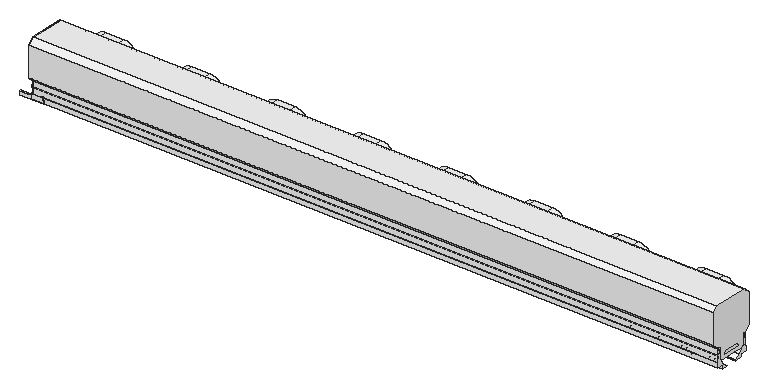
Revit family "Invisiline_диффузор_щелевой_AESTH.S_50+BOX.S_SUP", category Воздухораспределители, Revit 2019 (continued)
Automatic sketch dimensions
  Extrusion 16 sketch curve to plane 1 "По центру (Вперед/Назад)" = 60.8 mm
  Extrusion 17 sketch curve to level = 15.979 mm
  Extrusion 17 sketch curve to plane 1 "По центру (Вперед/Назад)" = 60.8 mm
  level to Extrusion 18 sketch curve = 15.979 mm
  Extrusion 18 sketch curve to plane 1 "По центру (Вперед/Назад)" = 60.8 mm
  level to Extrusion 19 sketch curve = 15.979 mm
  plane 1 "По центру (Вперед/Назад)" to Extrusion 19 sketch curve = 60.8 mm
  plane 1 "По центру (Вперед/Назад)" to Sweep 1 sketch curve = 0 mm
  Revolve 2 sketch curve to Revolve 2 sketch curve = 33.331 mm
  Revolve 2 sketch curve to Revolve 2 sketch curve = 62 mm
  Extrusion 21 sketch curve to level = 0 mm  (x2)
  Extrusion 21 sketch curve to plane 1 "По центру (Вперед/Назад)" = 0 mm  (x2)
  plane 1 "По центру (Вперед/Назад)" to Extrusion 21 sketch curve = 5.017 mm
  Extrusion 21 sketch curve to Extrusion 21 sketch curve = 19.971 mm  (x2)
  level to Extrusion 21 sketch curve = 0.906 mm  (x2)
  Extrusion 21 sketch curve to Extrusion 21 sketch curve = 2.448 mm  (x2)
  Extrusion 21 sketch curve to Extrusion 21 sketch curve = 1.461 mm  (x2)
  Extrusion 21 sketch curve to Extrusion 21 sketch curve = 21.519 mm  (x2)
  Extrusion 21 sketch curve to Extrusion 21 sketch curve = 16.583 mm  (x2)
  Extrusion 21 sketch curve to Extrusion 21 sketch curve = 0.059 mm  (x4)
  Extrusion 21 sketch curve to Extrusion 21 sketch curve = 1.792 mm  (x2)
  Extrusion 21 sketch curve to Extrusion 21 sketch curve = 4.402 mm  (x2)
  Extrusion 21 sketch curve to Extrusion 21 sketch curve = 4.403 mm  (x2)
  Extrusion 21 sketch curve to Extrusion 21 sketch curve = 0.058 mm  (x2)
  Extrusion 21 sketch curve to Extrusion 21 sketch curve = 1.441 mm  (x4)
  level to Extrusion 21 sketch curve = 34.879 mm  (x2)
  level to Extrusion 21 sketch curve = 32.943 mm  (x2)
  Extrusion 21 sketch curve to Extrusion 21 sketch curve = 1.853 mm  (x2)
  level to Extrusion 21 sketch curve = 32.885 mm  (x2)
  Extrusion 21 sketch curve to Extrusion 21 sketch curve = 0.811 mm  (x2)
  level to Extrusion 21 sketch curve = 34.209 mm
  Extrusion 21 sketch curve to Extrusion 21 sketch curve = 1.433 mm  (x2)
  Extrusion 21 sketch curve to plane 1 "По центру (Вперед/Назад)" = 5.017 mm
  level to Extrusion 21 sketch curve = 1.985 mm  (x2)
  Extrusion 21 sketch curve to Extrusion 21 sketch curve = 12.796 mm  (x2)
  Extrusion 21 sketch curve to Extrusion 21 sketch curve = 1.524 mm  (x4)
  Extrusion 21 sketch curve to Extrusion 21 sketch curve = 9.976 mm  (x2)
  Extrusion 21 sketch curve to Extrusion 21 sketch curve = 5.88 mm  (x2)
  Extrusion 21 sketch curve to Extrusion 21 sketch curve = 1.499 mm  (x2)
  Extrusion 21 sketch curve to Extrusion 21 sketch curve = 4.488 mm  (x2)
  Extrusion 21 sketch curve to Extrusion 21 sketch curve = 12.161 mm  (x2)
  Extrusion 21 sketch curve to Extrusion 21 sketch curve = 1.875 mm  (x2)
  Extrusion 21 sketch curve to Extrusion 21 sketch curve = 7.507 mm
  Extrusion 21 sketch curve to Extrusion 21 sketch curve = 1.325 mm
  Extrusion 21 sketch curve to Extrusion 21 sketch curve = 13 mm
  level to Extrusion 21 sketch curve = 14.985 mm
  level to Extrusion 21 sketch curve = 8.691 mm
  Extrusion 12 sketch curve to level = 0 mm
  Extrusion 12 sketch curve to plane 1 "По центру (Вперед/Назад)" = 0 mm  (x2)
  plane 1 "По центру (Вперед/Назад)" to Extrusion 12 sketch curve = 24.989 mm
  level to Extrusion 12 sketch curve = 0.906 mm  (x2)
  Extrusion 12 sketch curve to Extrusion 12 sketch curve = 2.448 mm  (x2)
  level to Extrusion 12 sketch curve = 1.985 mm  (x2)
  Extrusion 12 sketch curve to Extrusion 12 sketch curve = 1.461 mm  (x2)
  Extrusion 12 sketch curve to Extrusion 12 sketch curve = 21.519 mm  (x2)
  Extrusion 12 sketch curve to Extrusion 12 sketch curve = 16.583 mm  (x2)
  Extrusion 12 sketch curve to Extrusion 12 sketch curve = 0.059 mm  (x4)
  Extrusion 12 sketch curve to Extrusion 12 sketch curve = 1.792 mm  (x2)
  Extrusion 12 sketch curve to Extrusion 12 sketch curve = 4.402 mm  (x2)
  Extrusion 12 sketch curve to Extrusion 12 sketch curve = 4.403 mm  (x2)
  Extrusion 12 sketch curve to Extrusion 12 sketch curve = 0.058 mm  (x2)
  Extrusion 12 sketch curve to Extrusion 12 sketch curve = 1.441 mm  (x3)
  level to Extrusion 12 sketch curve = 34.879 mm  (x2)
  level to Extrusion 12 sketch curve = 32.943 mm  (x2)
  Extrusion 12 sketch curve to Extrusion 12 sketch curve = 1.853 mm  (x2)
  level to Extrusion 12 sketch curve = 32.885 mm  (x2)
  Extrusion 12 sketch curve to Extrusion 12 sketch curve = 0.811 mm  (x2)
  level to Extrusion 12 sketch curve = 34.209 mm
  Extrusion 12 sketch curve to Extrusion 12 sketch curve = 1.433 mm  (x2)
  Extrusion 12 sketch curve to Extrusion 12 sketch curve = 24.989 mm
  Extrusion 12 sketch curve to Extrusion 12 sketch curve = 1.499 mm  (x3)
  Extrusion 12 sketch curve to Extrusion 12 sketch curve = 12.796 mm  (x2)
  Extrusion 12 sketch curve to Extrusion 12 sketch curve = 1.524 mm  (x4)
  Extrusion 12 sketch curve to Extrusion 12 sketch curve = 9.976 mm  (x2)
  Extrusion 12 sketch curve to Extrusion 12 sketch curve = 5.88 mm  (x2)
  Extrusion 12 sketch curve to Extrusion 12 sketch curve = 4.488 mm  (x2)
  Extrusion 12 sketch curve to Extrusion 12 sketch curve = 12.161 mm  (x2)
  Extrusion 12 sketch curve to Extrusion 12 sketch curve = 1.875 mm  (x2)
  Extrusion 12 sketch curve to Extrusion 12 sketch curve = 7.507 mm
  Extrusion 12 sketch curve to Extrusion 12 sketch curve = 1.325 mm
  level to Extrusion 12 sketch curve = 14.985 mm  (x2)
  Extrusion 20 sketch curve to level = 0 mm  (x2)
  Extrusion 20 sketch curve to plane 1 "По центру (Вперед/Назад)" = 0 mm  (x2)
  plane 1 "По центру (Вперед/Назад)" to Extrusion 20 sketch curve = 5.017 mm
  Extrusion 20 sketch curve to Extrusion 20 sketch curve = 19.971 mm  (x2)
  level to Extrusion 20 sketch curve = 0.906 mm  (x2)
  Extrusion 20 sketch curve to Extrusion 20 sketch curve = 2.448 mm  (x2)
  Extrusion 20 sketch curve to Extrusion 20 sketch curve = 1.461 mm  (x2)
  level to Extrusion 20 sketch curve = 1.985 mm  (x2)
  Extrusion 20 sketch curve to Extrusion 20 sketch curve = 21.519 mm  (x2)
  Extrusion 20 sketch curve to Extrusion 20 sketch curve = 16.583 mm  (x2)
  Extrusion 20 sketch curve to Extrusion 20 sketch curve = 0.059 mm  (x4)
  Extrusion 20 sketch curve to Extrusion 20 sketch curve = 1.792 mm  (x2)
  Extrusion 20 sketch curve to Extrusion 20 sketch curve = 4.402 mm  (x2)
  Extrusion 20 sketch curve to Extrusion 20 sketch curve = 4.403 mm  (x2)
  Extrusion 20 sketch curve to Extrusion 20 sketch curve = 0.058 mm  (x2)
  Extrusion 20 sketch curve to Extrusion 20 sketch curve = 1.441 mm  (x3)
  Extrusion 20 sketch curve to Extrusion 20 sketch curve = 1.499 mm  (x3)
  level to Extrusion 20 sketch curve = 34.879 mm  (x2)
  level to Extrusion 20 sketch curve = 32.943 mm  (x2)
  Extrusion 20 sketch curve to Extrusion 20 sketch curve = 1.853 mm  (x2)
  level to Extrusion 20 sketch curve = 32.885 mm  (x2)
  Extrusion 20 sketch curve to Extrusion 20 sketch curve = 0.811 mm  (x2)
  level to Extrusion 20 sketch curve = 34.209 mm  (x2)
  Extrusion 20 sketch curve to Extrusion 20 sketch curve = 1.433 mm  (x2)
  Extrusion 20 sketch curve to plane 1 "По центру (Вперед/Назад)" = 5.017 mm
  level to Extrusion 20 sketch curve = 8.691 mm
  Extrusion 20 sketch curve to Extrusion 20 sketch curve = 13 mm
  level to Extrusion 20 sketch curve = 14.985 mm
  Extrusion 20 sketch curve to Extrusion 20 sketch curve = 12.796 mm  (x2)
  Extrusion 20 sketch curve to Extrusion 20 sketch curve = 1.524 mm  (x4)
  Extrusion 20 sketch curve to Extrusion 20 sketch curve = 9.976 mm  (x2)
  Extrusion 20 sketch curve to Extrusion 20 sketch curve = 5.88 mm  (x2)
  Extrusion 20 sketch curve to Extrusion 20 sketch curve = 4.488 mm  (x2)
  Extrusion 20 sketch curve to Extrusion 20 sketch curve = 12.161 mm  (x2)
  Extrusion 20 sketch curve to Extrusion 20 sketch curve = 1.875 mm  (x2)
  Extrusion 20 sketch curve to Extrusion 20 sketch curve = 5.632 mm
  Extrusion 13 sketch curve to level = 0 mm
  Extrusion 13 sketch curve to plane 1 "По центру (Вперед/Назад)" = 0 mm  (x2)
  Extrusion 13 sketch curve to Extrusion 13 sketch curve = 24.989 mm  (x2)
  level to Extrusion 13 sketch curve = 0.906 mm  (x2)
  Extrusion 13 sketch curve to Extrusion 13 sketch curve = 2.448 mm  (x2)
  level to Extrusion 13 sketch curve = 1.985 mm  (x2)
  Extrusion 13 sketch curve to Extrusion 13 sketch curve = 1.461 mm  (x2)
  Extrusion 13 sketch curve to Extrusion 13 sketch curve = 21.519 mm  (x2)
  Extrusion 13 sketch curve to Extrusion 13 sketch curve = 16.583 mm  (x2)
  Extrusion 13 sketch curve to Extrusion 13 sketch curve = 0.059 mm  (x4)
  Extrusion 13 sketch curve to Extrusion 13 sketch curve = 1.792 mm  (x2)
  Extrusion 13 sketch curve to Extrusion 13 sketch curve = 4.402 mm  (x2)
  Extrusion 13 sketch curve to Extrusion 13 sketch curve = 4.403 mm  (x2)
  Extrusion 13 sketch curve to Extrusion 13 sketch curve = 0.058 mm  (x2)
  Extrusion 13 sketch curve to Extrusion 13 sketch curve = 1.441 mm  (x3)
  level to Extrusion 13 sketch curve = 34.879 mm  (x2)
  level to Extrusion 13 sketch curve = 32.943 mm  (x2)
  Extrusion 13 sketch curve to Extrusion 13 sketch curve = 1.853 mm  (x2)
  level to Extrusion 13 sketch curve = 32.885 mm  (x2)
  Extrusion 13 sketch curve to Extrusion 13 sketch curve = 0.811 mm  (x2)
  Extrusion 13 sketch curve to Extrusion 13 sketch curve = 1.433 mm  (x2)
  Extrusion 13 sketch curve to Extrusion 13 sketch curve = 1.499 mm  (x3)
  Extrusion 13 sketch curve to Extrusion 13 sketch curve = 13 mm  (x2)
  Extrusion 13 sketch curve to Extrusion 13 sketch curve = 1.325 mm  (x2)
  Extrusion 13 sketch curve to Extrusion 13 sketch curve = 12.796 mm  (x2)
  Extrusion 13 sketch curve to Extrusion 13 sketch curve = 1.524 mm  (x4)
  Extrusion 13 sketch curve to Extrusion 13 sketch curve = 9.976 mm  (x2)
  Extrusion 13 sketch curve to Extrusion 13 sketch curve = 5.88 mm  (x2)
  Extrusion 13 sketch curve to Extrusion 13 sketch curve = 4.488 mm  (x2)
  Extrusion 13 sketch curve to Extrusion 13 sketch curve = 12.161 mm  (x2)
  Extrusion 13 sketch curve to Extrusion 13 sketch curve = 1.875 mm  (x2)
  Extrusion 13 sketch curve to Extrusion 13 sketch curve = 7.507 mm
  Sweep 1 sketch curve to profile plane = 0 mm  (x2)
  profile plane to Sweep 1 sketch curve = 72.902 mm
  profile plane to Sweep 1 sketch curve = 74.486 mm
  Sweep 1 sketch curve to Sweep 1 sketch curve = 0.414 mm  (x8)
  Sweep 1 sketch curve to Sweep 1 sketch curve = 1 mm  (x5)
  Sweep 1 sketch curve to Sweep 1 sketch curve = 19.514 mm  (x2)
  level to Sweep 1 sketch curve = 34.88 mm  (x2)
  Sweep 1 sketch curve to profile plane = 72.902 mm
  Sweep 1 sketch curve to profile plane = 74.486 mm
  Sweep 1 sketch curve to Sweep 1 sketch curve = 20.098 mm
  Sweep 1 sketch curve to Sweep 1 sketch curve = 53.122 mm  (x2)
  Sweep 1 sketch curve to Sweep 1 sketch curve = 21.098 mm  (x2)
  Sweep 1 sketch curve to Sweep 1 sketch curve = 128.972 mm  (x2)
  Extrusion 14 sketch curve to plane 22 = 0 mm
  Extrusion 14 sketch curve to plane 1 "По центру (Вперед/Назад)" = 0 mm  (x2)
  level to Extrusion 14 sketch curve = 34.88 mm
  Extrusion 14 sketch curve to Extrusion 14 sketch curve = 73.902 mm
  plane 1 "По центру (Вперед/Назад)" to Extrusion 14 sketch curve = 74.9 mm
  Extrusion 14 sketch curve to plane 22 = 20.1 mm  (x2)
  Extrusion 14 sketch curve to Extrusion 14 sketch curve = 20.1 mm
  Extrusion 14 sketch curve to plane 1 "По центру (Вперед/Назад)" = 73.902 mm
  Extrusion 14 sketch curve to plane 1 "По центру (Вперед/Назад)" = 74.9 mm
  Extrusion 14 sketch curve to Extrusion 14 sketch curve = 21.098 mm  (x3)
  Extrusion 14 sketch curve to Extrusion 14 sketch curve = 53.122 mm  (x2)
  Extrusion 15 sketch curve to plane 22 = 0 mm
  Extrusion 15 sketch curve to plane 1 "По центру (Вперед/Назад)" = 0 mm  (x2)
  plane 1 "По центру (Вперед/Назад)" to Extrusion 15 sketch curve = 73.902 mm
  plane 1 "По центру (Вперед/Назад)" to Extrusion 15 sketch curve = 74.9 mm
  Extrusion 15 sketch curve to Extrusion 15 sketch curve = 21.098 mm  (x3)
  level to Extrusion 15 sketch curve = 34.88 mm
  Extrusion 15 sketch curve to Extrusion 15 sketch curve = 73.902 mm
  Extrusion 15 sketch curve to plane 1 "По центру (Вперед/Назад)" = 74.9 mm
  Extrusion 15 sketch curve to plane 22 = 20.1 mm  (x2)
  Extrusion 15 sketch curve to Extrusion 15 sketch curve = 20.1 mm
  Extrusion 15 sketch curve to plane 20 = 64.9 mm  (x2)
Nested families
  nested 1: "M_GM_CON_3 axis_3 dimentions" at (-1500, 0, 0), Угол вертикальный <- "Con_Angl_V", z <- "Con_z_1", y <- "Con_y_9", x <- "Con_x_9", visible <- "Con_Vis", Con_Vis <- "Con_Vis_9", type "M_GM_CON_3 axis_3 dimentions"
    with Угол горизонтальный 90.00°, Угол вертикальный 0.00°, Вращение по часовой стрелки 0.00°, Видимость элемента на данном директоре yes, z 174 mm, y 95 mm, x 2912.5 mm, lengthOfConnectorHolder 10 mm, lengthOfConnectorBase 5 mm, countedLength 10 mm, Vertical_Angle_Reverse 360.00°, Material none, DN 5 mm, Con_Vis no
  nested 2: "M_GM_CON_3 axis_3 dimentions" at (-1500, 0, 0), Угол вертикальный <- "Con_Angl_V", z <- "Con_z_1", x <- "Con_x_8", y <- "Con_y_8", visible <- "Con_Vis", Con_Vis <- "Con_Vis_8", type "M_GM_CON_3 axis_3 dimentions"
    with Угол горизонтальный 90.00°, Угол вертикальный 0.00°, Вращение по часовой стрелки 0.00°, Видимость элемента на данном директоре yes, z 174 mm, y 145 mm, x 187.5 mm, lengthOfConnectorHolder 10 mm, lengthOfConnectorBase 5 mm, countedLength 10 mm, Vertical_Angle_Reverse 360.00°, Material none, DN 5 mm, Con_Vis yes
  nested 3: "M_GM_CON_3 axis_3 dimentions" at (-1500, 0, 0), Угол вертикальный <- "Con_Angl_V", z <- "Con_z_1", x <- "Con_x_7", y <- "Con_y_7", visible <- "Con_Vis", Con_Vis <- "Con_Vis_7", type "M_GM_CON_3 axis_3 dimentions"
    with Угол горизонтальный 90.00°, Угол вертикальный 0.00°, Вращение по часовой стрелки 0.00°, Видимость элемента на данном директоре yes, z 174 mm, y 145 mm, x 562.5 mm, lengthOfConnectorHolder 10 mm, lengthOfConnectorBase 5 mm, countedLength 10 mm, Vertical_Angle_Reverse 360.00°, Material none, DN 5 mm, Con_Vis yes
  nested 4: "M_GM_CON_3 axis_3 dimentions" at (-1500, 0, 0), Угол вертикальный <- "Con_Angl_V", z <- "Con_z_1", x <- "Con_x_6", y <- "Con_y_6", visible <- "Con_Vis", Con_Vis <- "Con_Vis_6", type "M_GM_CON_3 axis_3 dimentions"
    with Угол горизонтальный 90.00°, Угол вертикальный 0.00°, Вращение по часовой стрелки 0.00°, Видимость элемента на данном директоре yes, z 174 mm, y 145 mm, x 937.5 mm, lengthOfConnectorHolder 10 mm, lengthOfConnectorBase 5 mm, countedLength 10 mm, Vertical_Angle_Reverse 360.00°, Material none, DN 5 mm, Con_Vis yes
  nested 5: "M_GM_CON_3 axis_3 dimentions" at (-1500, 0, 0), Угол вертикальный <- "Con_Angl_V", z <- "Con_z_1", x <- "Con_x_5", y <- "Con_y_5", visible <- "Con_Vis", Con_Vis <- "Con_Vis_5", type "M_GM_CON_3 axis_3 dimentions"
    with Угол горизонтальный 90.00°, Угол вертикальный 0.00°, Вращение по часовой стрелки 0.00°, Видимость элемента на данном директоре yes, z 174 mm, y 145 mm, x 1312.5 mm, lengthOfConnectorHolder 10 mm, lengthOfConnectorBase 5 mm, countedLength 10 mm, Vertical_Angle_Reverse 360.00°, Material none, DN 5 mm, Con_Vis yes
  nested 6: "M_GM_CON_3 axis_3 dimentions" at (-1500, 0, 0), Угол вертикальный <- "Con_Angl_V", z <- "Con_z_1", x <- "Con_x_4", y <- "Con_y_4", visible <- "Con_Vis", Con_Vis <- "Con_Vis_4", type "M_GM_CON_3 axis_3 dimentions"
    with Угол горизонтальный 90.00°, Угол вертикальный 0.00°, Вращение по часовой стрелки 0.00°, Видимость элемента на данном директоре yes, z 174 mm, y 145 mm, x 1687.5 mm, lengthOfConnectorHolder 10 mm, lengthOfConnectorBase 5 mm, countedLength 10 mm, Vertical_Angle_Reverse 360.00°, Material none, DN 5 mm, Con_Vis yes
  nested 7: "M_GM_CON_3 axis_3 dimentions" at (-1500, 0, 0), Угол вертикальный <- "Con_Angl_V", z <- "Con_z_1", x <- "Con_x_3", y <- "Con_y_3", visible <- "Con_Vis", Con_Vis <- "Con_Vis_3", type "M_GM_CON_3 axis_3 dimentions"
    with Угол горизонтальный 90.00°, Угол вертикальный 0.00°, Вращение по часовой стрелки 0.00°, Видимость элемента на данном директоре yes, z 174 mm, y 145 mm, x 2062.5 mm, lengthOfConnectorHolder 10 mm, lengthOfConnectorBase 5 mm, countedLength 10 mm, Vertical_Angle_Reverse 360.00°, Material none, DN 5 mm, Con_Vis yes
  nested 8: "M_GM_CON_3 axis_3 dimentions" at (-1500, 0, 0), Угол вертикальный <- "Con_Angl_V", z <- "Con_z_1", x <- "Con_x_2", y <- "Con_y_2", visible <- "Con_Vis", Con_Vis <- "Con_Vis_2", type "M_GM_CON_3 axis_3 dimentions"
    with Угол горизонтальный 90.00°, Угол вертикальный 0.00°, Вращение по часовой стрелки 0.00°, Видимость элемента на данном директоре yes, z 174 mm, y 145 mm, x 2437.5 mm, lengthOfConnectorHolder 10 mm, lengthOfConnectorBase 5 mm, countedLength 10 mm, Vertical_Angle_Reverse 360.00°, Material none, DN 5 mm, Con_Vis yes
  nested 9: "M_GM_CON_3 axis_3 dimentions" at (-1500, 0, 0), Угол вертикальный <- "Con_Angl_V", z <- "Con_z_1", x <- "Con_x_1", y <- "Con_y_1", visible <- "Con_Vis", Con_Vis <- "Con_Vis_1", type "M_GM_CON_3 axis_3 dimentions"
    with Угол горизонтальный 90.00°, Угол вертикальный 0.00°, Вращение по часовой стрелки 0.00°, Видимость элемента на данном директоре yes, z 174 mm, y 145 mm, x 2812.5 mm, lengthOfConnectorHolder 10 mm, lengthOfConnectorBase 5 mm, countedLength 10 mm, Vertical_Angle_Reverse 360.00°, Material none, DN 5 mm, Con_Vis yes
  nested 10: "M_GM_CON_3 axis_3 dimentions" at (-1500, 0, 0), Угол вертикальный <- "Con_Angl_V", z <- "Con_z_1", y <- "Con_y_10", x <- "Con_x_10", visible <- "Con_Vis", Con_Vis <- "Con_Vis_10", type "M_GM_CON_3 axis_3 dimentions"
    with Угол горизонтальный 90.00°, Угол вертикальный 0.00°, Вращение по часовой стрелки 0.00°, Видимость элемента на данном директоре yes, z 174 mm, y 95 mm, x 2912.5 mm, lengthOfConnectorHolder 10 mm, lengthOfConnectorBase 5 mm, countedLength 10 mm, Vertical_Angle_Reverse 360.00°, Material none, DN 5 mm, Con_Vis no
  nested 11: "УГО_ДвухстороннийДиффузор_Приточный" at (0, 0, -16.29), B <- "Wb1", L <- "Lbox", visible <- "УГО", type "УГО_ДвухстороннийДиффузор_Приточный", detail levels coarse+medium
    with b 38 mm, L 2994 mm, B 190 mm
  nested 12: "M_GM_CON_ThirdLevel" at (-937.5, 145, 174), type "M_GM_CON_ThirdLevel"
    with Vertical_Angle 360.00°, Material none, LengthOfCylinder 5 mm, LengthOfAddition 10 mm, InveredtLength -5 mm, Horizontal_Angle 90.00°, DN 5 mm, Con_Vis_Parent no, Con_Vis yes, Axis_Angle 0.00°
  nested 13: "M_GM_CON_ThirdLevel" at (-562.5, 145, 174), type "M_GM_CON_ThirdLevel"
    with Vertical_Angle 360.00°, Material none, LengthOfCylinder 5 mm, LengthOfAddition 10 mm, InveredtLength -5 mm, Horizontal_Angle 90.00°, DN 5 mm, Con_Vis_Parent no, Con_Vis yes, Axis_Angle 0.00°
  nested 14: "M_GM_CON_ThirdLevel" at (-187.5, 145, 174), type "M_GM_CON_ThirdLevel"
    with Vertical_Angle 360.00°, Material none, LengthOfCylinder 5 mm, LengthOfAddition 10 mm, InveredtLength -5 mm, Horizontal_Angle 90.00°, DN 5 mm, Con_Vis_Parent no, Con_Vis yes, Axis_Angle 0.00°
  nested 15: "M_GM_CON_ThirdLevel" at (1312.5, 145, 174), type "M_GM_CON_ThirdLevel"
    with Vertical_Angle 360.00°, Material none, LengthOfCylinder 5 mm, LengthOfAddition 10 mm, InveredtLength -5 mm, Horizontal_Angle 90.00°, DN 5 mm, Con_Vis_Parent no, Con_Vis yes, Axis_Angle 0.00°
  nested 16: "M_GM_CON_ThirdLevel" at (937.5, 145, 174), type "M_GM_CON_ThirdLevel"
    with Vertical_Angle 360.00°, Material none, LengthOfCylinder 5 mm, LengthOfAddition 10 mm, InveredtLength -5 mm, Horizontal_Angle 90.00°, DN 5 mm, Con_Vis_Parent no, Con_Vis yes, Axis_Angle 0.00°
  nested 17: "M_GM_CON_ThirdLevel" at (562.5, 145, 174), type "M_GM_CON_ThirdLevel"
    with Vertical_Angle 360.00°, Material none, LengthOfCylinder 5 mm, LengthOfAddition 10 mm, InveredtLength -5 mm, Horizontal_Angle 90.00°, DN 5 mm, Con_Vis_Parent no, Con_Vis yes, Axis_Angle 0.00°
  nested 18: "M_GM_CON_ThirdLevel" at (187.5, 145, 174), type "M_GM_CON_ThirdLevel"
    with Vertical_Angle 360.00°, Material none, LengthOfCylinder 5 mm, LengthOfAddition 10 mm, InveredtLength -5 mm, Horizontal_Angle 90.00°, DN 5 mm, Con_Vis_Parent no, Con_Vis yes, Axis_Angle 0.00°
  nested 19: "M_GM_CON_ThirdLevel" at (-1312.5, 145, 174), type "M_GM_CON_ThirdLevel"
    with Vertical_Angle 360.00°, Material none, LengthOfCylinder 5 mm, LengthOfAddition 10 mm, InveredtLength -5 mm, Horizontal_Angle 90.00°, DN 5 mm, Con_Vis_Parent no, Con_Vis yes, Axis_Angle 0.00°
  nested 20: "Invisiline_BOX_SHD" at (0, 0, 0), INV_Марка адаптера <- "INV_Марка адаптера", INV_Наименование адаптера <- "INV_Наименование адаптера", ADSK_Наименование <- "INV_Наименование адаптера", ADSK_Обозначение <- "INV_Марка адаптера", ADSK_Марка <- "INV_Марка адаптера", ADSK_Группирование <- "ADSK_Группирование", ADSK_Этаж <- "ADSK_Этаж", type "Invisiline_BOX_Универсальное общее", detail levels fine
    with INV_Наименование адаптера "КСД с боковыми врезками, ширина щели 50 мм, длина КСД 3000 мм - 6 мм", INV_Марка адаптера "Адаптер BOX.S-50-3000-STD", ADSK_Этаж "", ADSK_Обозначение "Адаптер BOX.S-50-3000-STD", ADSK_Наименование "КСД с боковыми врезками, ширина щели 50 мм, длина КСД 3000 мм - 6 мм", ADSK_Масса_Текст "", ADSK_Масса 0, ADSK_Марка "Адаптер BOX.S-50-3000-STD", ADSK_Количество 1, ADSK_Завод-изготовитель "Invisiline", ADSK_Единица измерения "шт.", ADSK_Группирование ""
Connectors
  hvac at (1312.5, 145, 174), driven by "D", driven by "INV_Потеря давления воздуха на врезке", driven by "Flow1"
    settings: on nested 15, index 16, duct flow 4.5 m³/h, flow factor 0, pres drop 0.0 Pa, loss coef 0, conn angle 0.00°, conn width 304.8 mm, conn height 304.8 mm, conn diameter 160 mm, duct sys type 1, conn prof type 0, flow config 1, flow direction 1, loss method 4, conn ref index -1, conn util no, is conn primary yes, conn desc ""
  hvac at (937.5, 145, 174), driven by "D", driven by "Flow2", driven by "INV_Потеря давления воздуха на врезке"
    settings: on nested 16, index 17, duct flow 4.5 m³/h, flow factor 0, pres drop 0.0 Pa, loss coef 0, conn angle 0.00°, conn width 304.8 mm, conn height 304.8 mm, conn diameter 160 mm, duct sys type 1, conn prof type 0, flow config 1, flow direction 1, loss method 4, conn ref index -1, conn util no, is conn primary no, conn desc ""
  hvac at (562.5, 145, 174), driven by "D", driven by "Flow3", driven by "INV_Потеря давления воздуха на врезке"
    settings: on nested 17, index 18, duct flow 4.5 m³/h, flow factor 0, pres drop 0.0 Pa, loss coef 0, conn angle 0.00°, conn width 304.8 mm, conn height 304.8 mm, conn diameter 160 mm, duct sys type 1, conn prof type 0, flow config 1, flow direction 1, loss method 4, conn ref index -1, conn util no, is conn primary no, conn desc ""
  hvac at (187.5, 145, 174), driven by "D", driven by "Flow4", driven by "INV_Потеря давления воздуха на врезке"
    settings: on nested 18, index 19, duct flow 4.5 m³/h, flow factor 0, pres drop 0.0 Pa, loss coef 0, conn angle 0.00°, conn width 304.8 mm, conn height 304.8 mm, conn diameter 160 mm, duct sys type 1, conn prof type 0, flow config 1, flow direction 1, loss method 4, conn ref index -1, conn util no, is conn primary no, conn desc ""
  hvac at (-187.5, 145, 174), driven by "Flow5", driven by "D", driven by "INV_Потеря давления воздуха на врезке"
    settings: on nested 14, index 20, duct flow 4.5 m³/h, flow factor 0, pres drop 0.0 Pa, loss coef 0, conn angle 0.00°, conn width 304.8 mm, conn height 304.8 mm, conn diameter 160 mm, duct sys type 1, conn prof type 0, flow config 1, flow direction 1, loss method 4, conn ref index -1, conn util no, is conn primary no, conn desc ""
  hvac at (-562.5, 145, 174), driven by "Flow6", driven by "D", driven by "INV_Потеря давления воздуха на врезке"
    settings: on nested 13, index 21, duct flow 4.5 m³/h, flow factor 0, pres drop 0.0 Pa, loss coef 0, conn angle 0.00°, conn width 304.8 mm, conn height 304.8 mm, conn diameter 160 mm, duct sys type 1, conn prof type 0, flow config 1, flow direction 1, loss method 4, conn ref index -1, conn util no, is conn primary no, conn desc ""
  hvac at (-937.5, 145, 174), driven by "Flow7", driven by "D", driven by "INV_Потеря давления воздуха на врезке"
    settings: on nested 12, index 22, duct flow 4.5 m³/h, flow factor 0, pres drop 0.0 Pa, loss coef 0, conn angle 0.00°, conn width 304.8 mm, conn height 304.8 mm, conn diameter 160 mm, duct sys type 1, conn prof type 0, flow config 1, flow direction 1, loss method 4, conn ref index -1, conn util no, is conn primary no, conn desc ""
  hvac at (-1312.5, 145, 174), driven by "INV_Потеря давления воздуха на врезке", driven by "Flow8", driven by "D"
    settings: on nested 19, index 23, duct flow 4.5 m³/h, flow factor 0, pres drop 0.0 Pa, loss coef 0, conn angle 0.00°, conn width 304.8 mm, conn height 304.8 mm, conn diameter 160 mm, duct sys type 1, conn prof type 0, flow config 1, flow direction 1, loss method 4, conn ref index -1, conn util no, is conn primary no, conn desc ""
Definition of nested family "M_GM_CON_3 axis_3 dimentions"
  Parameters (values of type "M_GM_CON_3 axis_3 dimentions")
    Угол горизонтальный [instance] = 0.00°
    Угол вертикальный [instance] = 0.00°
    Вращение по часовой стрелки [instance] = 0.00°
    Видимость элемента на данном директоре [instance] = yes
    z [instance] = 500 mm
    y [instance] = 0 mm
    x [instance] = 1000 mm
    lengthOfConnectorHolder [instance] = 10 mm
    lengthOfConnectorBase [instance] = 10 mm
    countedLength [instance] = if(or(lengthOfConnectorHolder < 1 mm, not(Видимость элемента на данном директоре)), 0 mm, lengthOfConnectorHolder)  # 10 mm
    Vertical_Angle_Reverse [instance] = 360.00° - Угол вертикальный  # 360.00°
    Material [instance] = none
    DN [instance] = 10 mm
    Con_Vis_Parent = no
    Con_Vis [instance] = yes
  Reference planes
    plane 1 "Center (Front/Back)": y = 0
    plane 2: z = 0
    plane 3 "Center (Left/Right)": x = 0
    plane 4: x = 1000
    plane 5: y = 0
    plane 6: z = 500
  Text (mm)
    text "Placement Side" at (-688.967, 710.629, 0), in view "Ref. Level"
  Dimensions and locks
    "y": plane 5 to plane 1 "Center (Front/Back)"
    "x": plane 3 "Center (Left/Right)" to plane 4
    "z": plane 6 to plane 2
    aligned and locked: level to plane 2
    aligned and locked: plane 5 to nested 1
    aligned and locked: plane 4 to nested 1
    aligned and locked: plane 1 "Center (Front/Back)" to nested 1
    aligned and locked: plane 6 to nested 1
  Nested families
    nested 1: "M_GM_CON_ThirdLevel" at (1000, 0, 500), DN <- "DN", LengthOfCylinder <- "lengthOfConnectorBase", LengthOfAddition <- "countedLength", Material <- "Material", Vertical_Angle <- "Vertical_Angle_Reverse", Horizontal_Angle <- "Угол горизонтальный", Axis_Angle <- "Вращение по часовой стрелки", Con_Vis <- "Con_Vis", visible <- "Con_Vis", Con_Vis_Parent <- "Con_Vis_Parent", type "M_GM_CON_ThirdLevel", detail levels coarse
      with Vertical_Angle 360.00°, Material none, LengthOfCylinder 10 mm, LengthOfAddition 10 mm, InveredtLength -10 mm, Horizontal_Angle 0.00°, DN 10 mm, Con_Vis_Parent no, Con_Vis yes, Axis_Angle 0.00°
Definition of nested family "УГО_ДвухстороннийДиффузор_Приточный"
  Parameters (values of type "УГО_ДвухстороннийДиффузор_Приточный")
    Description = ""
    Model = ""
    b [instance] = B * 0.2  # 70 mm
    L [instance] = 1000 mm
    B [instance] = 350 mm
  Reference planes
    plane 1 "По центру (Вперед/Назад)": y = 0
    plane 2: z = 0
    plane 3 "По центру (Влево/Вправо)": x = 0
    plane 4: z = -16
    plane 5 "1": z = 55
    plane 6: x = -500
    plane 7: x = 500
    plane 8: y = 175
    plane 9: y = -175
    plane 10: y = -35
    plane 11: y = 35
    plane 12: y = 225
    plane 13: y = -225
  Lines and regions (mm)
    model lines, detail levels coarse+medium
      curve 1: line (-500, 175, 0) -> (500, 175, 0)
      curve 2: line (-500, -175, 0) -> (-500, 175, 0)
      curve 3: line (500, -175, 0) -> (-500, -175, 0)
      curve 4: line (500, 175, 0) -> (500, -175, 0)
      curve 5: line (-500, -175, 0) -> (0, -35, 0)
      curve 6: line (0, -35, 0) -> (500, -175, 0)
      curve 7: line (-500, 175, 0) -> (0, 35, 0)
      curve 8: line (0, 35, 0) -> (500, 175, 0)
    model lines
      curve 9: line (129.904, 0, -100) -> (0, 0, -325)
      curve 10: line (0, 0, -325) -> (-129.904, 0, -100)
      curve 11: line (-129.904, 0, -100) -> (129.904, 0, -100)
      curve 12: line (-129.904, 0, 0) -> (132.791, 0, 0)
  Dimensions and locks
    plane 5 "1" to plane 2 = 55 mm
    equal spacing: plane 6, plane 3 "По центру (Влево/Вправо)", plane 7
    "L": plane 6 to plane 7
    equal spacing: plane 9, plane 1 "По центру (Вперед/Назад)", plane 8
    "B": plane 9 to plane 8
    equal spacing: plane 10, plane 1 "По центру (Вперед/Назад)", plane 11
    "b": plane 11 to plane 10
    locked: plane 12 to plane 8 at 50
    locked: plane 13 to plane 9 at 50
    aligned and locked: level to plane 2
    aligned and locked: curve 1 to plane 8
    aligned and locked: curve 2 to plane 6
    aligned and locked: curve 3 to plane 9
    aligned and locked: curve 4 to plane 7
    aligned and locked: plane 10 to curve 6
    aligned and locked: plane 3 "По центру (Влево/Вправо)" to curve 6
    aligned and locked: plane 3 "По центру (Влево/Вправо)" to curve 8
    aligned and locked: plane 11 to curve 8
    aligned and locked: plane 8 to curve 8
    aligned and locked: plane 9 to curve 5
  Automatic sketch dimensions
    curve 12 to level = 0 mm
    curve 10 to plane 3 "По центру (Влево/Вправо)" = 0 mm
    curve 10 to plane 3 "По центру (Влево/Вправо)" = 129.904 mm
    plane 3 "По центру (Влево/Вправо)" to curve 11 = 129.904 mm
    curve 9 to plane 4 = 84 mm
    curve 10 to curve 9 = 225 mm
    curve 12 to curve 10 = 0 mm
    curve 9 to curve 12 = 2.887 mm
  Nested families
    nested 1: "УГО_ВРУ_Приточный" at (0, 550, 0) x (0, -1, 0) z (0, 0, 1), type "УГО_ВРУ_Вытяжной"
      with Видимость 2 yes, Видимость 1 yes
    nested 2: "УГО_ВРУ_Приточный" at (0, -550, 0) x (0, 1, 0) z (0, 0, 1), type "УГО_ВРУ_Вытяжной"
      with Видимость 2 yes, Видимость 1 yes
  Definition of nested family "УГО_ВРУ_Приточный"
    Parameters (values of type "M_DIT_AirFlowDirectionArrow_Supply")
      Видимость 2 [instance] = yes
      Видимость 1 [instance] = yes
    Reference planes
      plane 1 "По центру (Вперед/Назад)": y = 0
      plane 2: z = 0
      plane 3 "По центру (Влево/Вправо)": x = 0
    Lines and regions (mm)
      detail lines, in view "Опорный уровень"
        curve 1: line (100, 0, 0) -> (325, -129.904, 0)
        curve 2: line (325, -129.904, 0) -> (325, 129.904, 0)
        curve 3: line (325, 129.904, 0) -> (100, 0, 0)
Definition of nested family "M_GM_CON_ThirdLevel"
  Parameters (values of type "ThirdLevel")
    Horizontal_Angle [instance] = 50.00°
    Vertical_Angle [instance] = 50.00°
    Material [instance] = none
    LengthOfCylinder [instance] = 50 mm
    LengthOfAddition [instance] = 20 mm
    InveredtLength [instance] = -LengthOfCylinder  # -50 mm
    DN [instance] = 10 mm
    Con_Vis_Parent [instance] = no
    Con_Vis [instance] = yes
    Axis_Angle [instance] = 180.00°
    ADSK_Примечание = "Неспецифицируемые"  # constant formula
    ADSK_Позиция = "Неспецифицируемые"  # constant formula
    ADSK_Обозначение = "Неспецифицируемые"  # constant formula
    ADSK_Наименование краткое = "Неспецифицируемые"  # constant formula
    ADSK_Наименование = "Неспецифицируемые"  # constant formula
    ADSK_Масса_Текст = "Неспецифицируемые"  # constant formula
    ADSK_Масса = 0  # constant formula
    ADSK_Марка = "Неспецифицируемые"  # constant formula
    ADSK_Количество = 0  # constant formula
    ADSK_Код изделия = "Неспецифицируемые"  # constant formula
    ADSK_Завод-изготовитель = "Неспецифицируемые"  # constant formula
    ADSK_Единица измерения = "Неспецифицируемые"  # constant formula
  Reference planes
    plane 1 "Center (Front/Back)": y = 0
    plane 2: z = 0
    plane 3 "Center (Left/Right)": x = 0
  Lines and regions (mm)
    reference lines
      curve 1: line (0, 0, 0) -> (-11.36, -13.539, 0)
  Text (mm)
    text "Placement Side" at (-688.967, 710.629, 0), in view "Ref. Level"
  Dimensions and locks
    "Horizontal_Angle": angle plane 1 "Center (Front/Back)" to curve 1
    aligned and locked: level to plane 2
    aligned and locked: plane 1 "Center (Front/Back)" to curve 1
    aligned and locked: plane 3 "Center (Left/Right)" to curve 1
    aligned and locked: nested 1 to curve 1
  Nested families
    nested 1: "M_GM_CON_SecondLevel" at (0, 0, 0) x (0.766, -0.6428, 0) z (0, 0, 1), DN <- "DN", H <- "LengthOfCylinder", LengthOfAdditional <- "LengthOfAddition", Axis_Angle <- "Axis_Angle", Vertical_Angle <- "Vertical_Angle", visible <- "Con_Vis_Parent", type "M_GM_CON_SecondLevel"
      with Vertical_Angle 50.00°, RealLengthOfCylinder 50 mm, Material none, LengthOfAdditional 20 mm, H 50 mm, DN 10 mm, Axis_Angle 180.00°, -H -50 mm
  Definition of nested family "M_GM_CON_SecondLevel"
    Parameters (values of type "SecondLevel")
      Vertical_Angle [instance] = 0.00°
      RealLengthOfCylinder [instance] = if(H < -1 mm, -1 mm, H)  # -1 mm
      Material [instance] = none
      LengthOfAdditional [instance] = 0 mm
      H [instance] = -20 mm
      Default Elevation = 1219.2 mm
      DN [instance] = 10 mm
      Axis_Angle [instance] = 0.00°
      -H [instance] = -H  # 20 mm
    Reference planes
      plane 1 "Center (Front/Back)": y = 0
      plane 2: z = 0
      plane 3 "Center (Left/Right)": x = 0
    Forms (mm)
      Extrusion 1, solid, material <- "Material"
        sketch origin (0, -1, -5) x (1, 0, 0) y (0, 0, 1)
          loop
            circle (0, 5) r 0.529
        from -1 to 0 <- "LengthOfAdditional"
    Lines and regions (mm)
      reference lines
        curve 1: line (0, 0, 0) -> (0, 50, 0)
    Text (mm)
      text "Placement Side" at (-2125.61, 1932.407, 0), in view "Ref. Level"
    Dimensions and locks
      "Vertical_Angle": angle plane 2 to curve 1
      aligned and locked: level to plane 2
      aligned and locked: plane 2 to curve 1
      aligned and locked: plane 1 "Center (Front/Back)" to curve 1
    Automatic sketch dimensions
      radius of Extrusion 1 sketch curve to nested 1 = 4.471 mm
    Nested families
      nested 1: "M_GM_CON_FirstLevel" at (0, 0, 0) x (1, 0, 0) z (0, -1, 0), Length <- "RealLengthOfCylinder", Diameter <- "DN", Angle_Axes <- "Axis_Angle", Material <- "Material", type "M_GM_CON_FirstLevel'"
        with VisibleOfCylinder no, RealLength 1 mm, Material none, Length -1 mm, Diameter 10 mm, Angle_Axes 0.00°
    Definition of nested family "M_GM_CON_FirstLevel"
      Parameters (values of type "FirstLevel")
        VisibleOfCylinder [instance] = (RealLength > 1 mm)  # yes
        RealLength [instance] = if(Length < 1 mm, 1 mm, Length)  # 50 mm
        Material [instance] = none
        Length [instance] = 50 mm
        Diameter [instance] = 50 mm
        Default Elevation = 1219.2 mm
        Angle_Axes [instance] = 0.00°
      Reference planes
        plane 1 "Center (Front/Back)": y = 0
        plane 2: z = 0
        plane 3 "Center (Left/Right)": x = 0
      Forms (mm)
        Extrusion 1, solid, material <- "Material", visible <- "VisibleOfCylinder"
          sketch origin (0, 0, 0) x (0, -1, 0) y (1, 0, 0)
            loop
              circle (0, 0) r 25
          from 0 to 50 <- "RealLength"
      Lines and regions (mm)
        reference lines
          curve 1: line (0, 0, 0) -> (0, 259.886, 0)
          curve 2: line (0, 0, 0) -> (325, 0, 0)
          curve 3: line (0, 0, 0) -> (0, -265, 0)
          curve 4: line (0, 0, 0) -> (-240, 0, 0)
        model lines
          curve 5: line (0, 2.969, 50) -> (0, -3.559, 50)
          curve 6: line (3, 0, 50) -> (-3, 0, 50)
          curve 7: line (0, 2.969, 50) -> (2, 2.969, 50)
          curve 8: line (2, 2.969, 50) -> (0, 7.258, 50)
          curve 9: line (0, 2.969, 50) -> (-2, 2.969, 50)
          curve 10: line (-2, 2.969, 50) -> (0, 7.258, 50)
      Text (mm)
        text "Placement Side" at (-348.393, 395.22, 0), in view "Ref. Level"
      Dimensions and locks
        "Diameter": diameter of Extrusion 1 sketch curve
        "Angle_Axes": angle curve 1 to plane 3 "Center (Left/Right)"
        "Angle_Axes": angle curve 2 to plane 1 "Center (Front/Back)"
        "Angle_Axes": angle curve 3 to plane 3 "Center (Left/Right)"
        "Angle_Axes": angle curve 4 to plane 1 "Center (Front/Back)"
        aligned and locked: level to plane 2
        aligned and locked: plane 1 "Center (Front/Back)" to curve 2
        aligned and locked: plane 3 "Center (Left/Right)" to curve 4
        aligned and locked: Extrusion 1 sketch curve to curve 4
        aligned and locked: Extrusion 1 sketch curve to curve 1
      Automatic sketch dimensions
        curve 8 to curve 9 = 4.289 mm
        curve 9 to curve 7 = 2 mm
        curve 10 to curve 5 = 0 mm
        curve 5 to curve 8 = 2 mm
        curve 7 to curve 6 = 2.969 mm
        curve 6 to curve 5 = 3.559 mm
        curve 6 to curve 9 = 1 mm
        curve 7 to curve 6 = 1 mm
Definition of nested family "Invisiline_BOX_SHD"
  Parameters (values of type "Invisiline_BOX_Универсальное общее")
    Description = ""
    Model = ""
    INV_Наименование адаптера [instance] = ""
    INV_Марка адаптера [instance] = ""
    B = 6 mm  # constant formula
    ADSK_Этаж [instance] = ""
    ADSK_Обозначение [instance] = ""
    ADSK_Наименование [instance] = ""
    ADSK_Масса_Текст [instance] = ""
    ADSK_Масса [instance] = 0
    ADSK_Марка [instance] = ""
    ADSK_Количество [instance] = 1  # constant formula
    ADSK_Завод-изготовитель [instance] = "Invisiline"  # constant formula
    ADSK_Единица измерения [instance] = "шт."  # constant formula
    ADSK_Группирование [instance] = ""
    ADSK_Версия Revit = "Revit 2019"  # constant formula
    A = 10 mm  # constant formula
  Reference planes
    plane 1 "По центру (Вперед/Назад)": y = 0
    plane 2: z = 0
    plane 3 "По центру (Влево/Вправо)": x = 0
    plane 4: x = -5
    plane 5: x = 5
    plane 6: y = 3
    plane 7: y = -3
  Lines and regions (mm)
    model lines, detail levels coarse
      curve 1: line (-5, 3, 0) -> (5, 3, 0)
      curve 2: line (-5, -3, 0) -> (-5, 3, 0)
      curve 3: line (5, -3, 0) -> (-5, -3, 0)
      curve 4: line (5, 3, 0) -> (5, -3, 0)
  Dimensions and locks
    equal spacing: plane 4, plane 3 "По центру (Влево/Вправо)", plane 5
    "A": plane 4 to plane 5
    equal spacing: plane 7, plane 1 "По центру (Вперед/Назад)", plane 6
    "B": plane 7 to plane 6
    aligned and locked: level to plane 2
    aligned and locked: curve 1 to plane 6
    aligned and locked: curve 2 to plane 4
    aligned and locked: curve 3 to plane 7
    aligned and locked: curve 4 to plane 5
Types (4, lengths in mm): name | КСД_H_FRNT | Vr_Vis_STD_8 | Vr_Vis_STD_7 | Vr_Vis_STD_6 | Vr_Vis_STD_5 | Vr_Vis_STD_4 | Vr_Vis_STD_3 | Vr_Vis_STD_2 | Vr_Vis_STD_1 | Vr_Vis_FRNT_8 | Vr_Vis_FRNT_7 | Vr_Vis_FRNT_6 | Vr_Vis_FRNT_5 | Vr_Vis_FRNT_4 | Vr_Vis_FRNT_3 | Vr_Vis_FRNT_2 | Vr_Vis_FRNT_1 | INV_Требуемая скорость воздуха | INV_Наименование адаптера | INV_Марка адаптера | 5_ТП_Vis_2 | 5_ТП_Vis_1 | 5_Раз_Vis_2 | 5_Раз_Vis_1 | 5_Коннекторы_2 | 5_Коннекторы_1 | 5_Кон_Vis_2 | 5_Кон_Vis_1 | 4_L_2 | 4_L_1 | 6_КСД | Vr_STD_Vis | Vr_FRNT_Vis | INV_Наличие торцевых пластин, коннекторов | Con_z_1 | Con_y_9 | Con_y_8 | Con_y_7 | Con_y_6 | Con_y_5 | Con_y_4 | Con_y_3 | Con_y_2 | Con_y_10 | Con_y_1 | Con_Angl_V | Lreq | Areq | ADSK_Обозначение | ADSK_Наименование | ADSK_Марка | 5_Код
  AESTH.S-50-*-*-* + BOX.S-50-*-STD | 259 | yes | yes | yes | yes | yes | yes | yes | yes | no | no | no | no | no | no | no | no | 1.5 m/s | "КСД с боковыми врезками, ширина щели 50 мм, длина КСД 3000 мм - 6 мм" | "Адаптер BOX.S-50-3000-STD" | no | no | no | no | 0 | 50 | no | yes | 1500 | 1500 | 1 | yes | no | 5 : E – коннекторы с одной стороны | 174 | 95 | 145 | 145 | 145 | 145 | 145 | 145 | 145 | 95 | 145 | 0.00° | 140 | 0.00666667 m² | "Диффузор AESTH.S-50-B-3000-E" | "Диффузор щелевой линейный Invisiline AESTHETIC.S ширина щели 50 мм, цвет по RAL9005 (черный), длина 3000 мм, коннекторы с одной стороны" | "Диффузор AESTH.S-50-B-3000-E" | 6
  AESTH.S-50-*-*-* + BOX.S-50-*-CUST | 259 | no | no | no | no | no | no | no | no | no | no | no | no | no | no | no | no | 1.5 m/s | "Нестандартная КСД, ширина щели 50 мм, длина КСД 3000 мм - 6 мм" | "Адаптер BOX.S-50-3000-CUST" | yes | yes | no | no | 0 | 0 | no | no | 1501.5 | 1501.5 | 0 | no | no | 5 : 2 – Самостоятельный диффузор - элемент + 2 торцевые пластины с двух 2 сторон (+3 мм) | 174 | 95 | 95 | 95 | 95 | 95 | 95 | 95 | 95 | 95 | 95 | 0.00° | 140 | 0.00666667 m² | "Диффузор AESTH.S-50-B-3000-2" | "Диффузор щелевой линейный Invisiline AESTHETIC.S ширина щели 50 мм, цвет по RAL9005 (черный), длина 3000 мм, самостоятельный диффузор: элемент + 2 торцевые пластины с двух сторон (+3 мм)" | "Диффузор AESTH.S-50-B-3000-2" | 1
  AESTH.S-50-*-*-* + BOX.S-50-*-FRNT | 309 | no | no | no | no | no | no | no | no | yes | yes | yes | yes | yes | yes | yes | yes | 1.0 m/s | "КСД с врезками напротив щели, ширина щели 50 мм, длина КСД 3000 мм - 6 мм" | "Адаптер BOX.S-50-3000-FRNT" | yes | yes | no | no | 0 | 0 | no | no | 1501.5 | 1501.5 | 2 | no | yes | 5 : 2 – Самостоятельный диффузор - элемент + 2 торцевые пластины с двух 2 сторон (+3 мм) | 309 | 0 | 0 | 0 | 0 | 0 | 0 | 0 | 0 | 0 | 0 | 90.00° | 205 | 0.01 m² | "Диффузор AESTH.S-50-B-3000-2" | "Диффузор щелевой линейный Invisiline AESTHETIC.S ширина щели 50 мм, цвет по RAL9005 (черный), длина 3000 мм, самостоятельный диффузор: элемент + 2 торцевые пластины с двух сторон (+3 мм)" | "Диффузор AESTH.S-50-B-3000-2" | 1
  AESTH.S-50-*-*-* + BOX.S-50-*-NULL | 259 | no | no | no | no | no | no | no | no | no | no | no | no | no | no | no | no | 1.5 m/s | "КСД без врезок, ширина щели 50 мм, длина КСД 3000 мм - 6 мм" | "Адаптер BOX.S-50-3000-NULL" | no | no | yes | yes | 50 | 50 | yes | yes | 1501.5 | 1501.5 | 3 | no | no | 5 : H – коннекторы и разделители (+3 мм) с двух сторон | 174 | 95 | 95 | 95 | 95 | 95 | 95 | 95 | 95 | 95 | 95 | 0.00° | 140 | 0.00666667 m² | "Диффузор AESTH.S-50-B-3000-H" | "Диффузор щелевой линейный Invisiline AESTHETIC.S ширина щели 50 мм, цвет по RAL9005 (черный), длина 3000 мм, коннекторы и разделители (+3 мм) с двух сторон" | "Диффузор AESTH.S-50-B-3000-H" | 9
